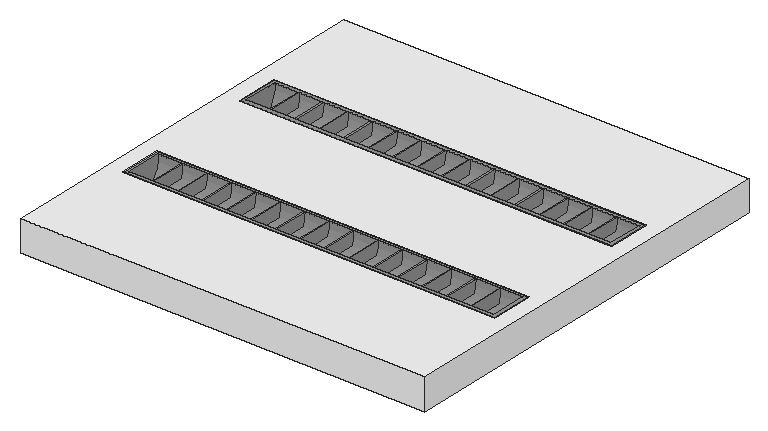
Revit family "0051226 Lighting Fixture_Sylvania_Rana LED 615x615-Electronic-4000K_Surface Mounted", category Lighting Fixtures, host Face, Revit 2015
Parameters (values of type "RANA LED D W CM+P 3*LL 4K")
  Width = 615.0 mm
  Weight = 5.10 kg
  Wattage = 50 W
  built-in parameter 1150110 = 1 (stored number, unit not read)
  Voltage Comments = "UNV (Universal Voltage; 220-240 Volt)"  # constant formula
  Voltage = 230 V  # constant formula
  URL = "http://www.feilosylvania.com/"
  built-in parameter 1114217 = 1 (stored number, unit not read)
  Tilt Angle = -90.00°
  built-in parameter 1150109 = 1 (stored number, unit not read)
  built-in parameter 1150134 = 12
  built-in parameter 1150113 = 1 (stored number, unit not read)
  Reflector Material = Steel_Sylvania_RanaLED_Silver
  Product Page URL = "http://www.feilosylvania.com/product/en-int/products/0051226"
  Product Family = "Rana LED 615x615-Electronic-4000K Lamp"  # constant formula
  Photometry Comments = ""
  Photometric Web File = "0051226_RANALEDDWCM+P3LL4K-186543.ies"
  Louver Length = Length - 50.0 mm  # 565.0 mm
  Life = "50 000h"  # constant formula
  Length = Width  # 615.0 mm
  IP Rating = "20"  # constant formula
  IK Rating = "07"  # constant formula
  Height = 47.0 mm
  Energy Class = "A++, A+, A"  # constant formula
  built-in parameter 1114216 [instance] = 1 (stored number, unit not read)
  Model = "RANA LED D W CM+P 3*LL 4K"
  Manufacturer = "Feilo Sylvania"  # constant formula
  built-in parameter 1150105 = 2704.1 (stored number, unit not read)
  Lumens = 4700 lm
  built-in parameter 1150115 = 1 (stored number, unit not read)
  built-in parameter 1150137 = (empty or 0)
  built-in parameter 1150139 = (empty or 0)
  built-in parameter 1150112 = 1 (stored number, unit not read)
  built-in parameter 1150114 = 1 (stored number, unit not read)
  Lamp = "Integrated LED"  # constant formula
  built-in parameter 1150132 = 2
  built-in parameter 1150102 = (empty or 0)
  built-in parameter 1150107 = 4000 (stored number, unit not read)
  built-in parameter 1150138 = (empty or 0)
  built-in parameter 1150106 = 27.041 (stored number, unit not read)
  Emit from Rectangle Width = 287.0 mm  # constant formula
  Emit from Rectangle Length = Louver Length  # 565.0 mm
  Emit Shape Visible in Rendering = no
  built-in parameter 1150104 = 8.7329 (stored number, unit not read)
  Dimming Lamp Color Temperature Shift = <None>
  Description = "Provides perfect uniform light distribution greatly enhancing the lit space. Low profile for ease of installation in restricted ceiling voids. Two stage optic for optimum comfort and efficiency. UGR19 office compliant. Enclosed design reduces dust ingress and improves Lumen Maintenance Factor (LMF). 32W - 69W LED surface luminaire. Rana LED is perfect for office lighting applications, schools, airports and general lighting applications. Available with a satin optic and micro prism diffuser. Available in surface (615 X 615, 1183 X 1187). Rana LED delivers high efficiency up to 6,050lm (luminaire lumen output on 4,000K version), equating to 101lm/W (total system efficiency). Available in warm white (3,000K) and neutral white (4,000K). Integrated LED solution that has the same aesthetics as a T5 or T8 diffuse luminaire. Energy efficient electronic gear including DALI and 3 hour emergency versions as standard. Long lifetime: 50,000 hours life at 70% of the original output L70. Less maintenance is required due to the long lifetime of 50,000hrs. Energy Class: A++, A+, A. LED technology provides an energy efficient solution with reduced maintenance costs. Comes complete with safety cable"  # constant formula
  Default Elevation = 0.0 mm
  Color Filter = 16777215
  Catalog Number = "0051226 RANA LED D W CM+P 3*LL 4K"
  built-in parameter 1140040 [instance] = 1
  built-in parameter 1114218 = 1 (stored number, unit not read)
  built-in parameter 1150133 = 10 (stored number, unit not read)
  Assembly Code = "D5020200"
  Apparent Load Comments = ""
  Apparent Load = 48 VA
  Accessory Material = Aluminum_Sylvania_RanaLED_White
Types (3, lengths in mm): name | Wattage | built-in parameter 1150134 | Product Page URL | Photometric Web File | Model | built-in parameter 1150105 | Lumens | built-in parameter 1150107 | built-in parameter 1150106 | Catalog Number | Apparent Load
  RANA LED D W CM+P 2*LL 3K | 31.5957 W | (empty or 0) | "http://www.feilosylvania.com/product/en-int/products/0051223" | "0051223_RANALEDDWCM+P2LL3K-186491.ies" | "RANA LED D W CM+P 2*LL 3K" | 1712 (stored number, unit not read) | 2970 lm | 3000 (stored number, unit not read) | 17.12 (stored number, unit not read) | "0051223 RANA LED D W CM+P 2*LL 3K" | 32 VA
  RANA LED D W CM+P 3*LL 3K | 47.5532 W | (empty or 0) | "http://www.feilosylvania.com/product/en-int/products/0051231" | "0051231_RANALEDDWCM+P3LL3K-186501.ies" | "RANA LED D W CM+P 3*LL 3K" | 355.71 (stored number, unit not read) | 4470 lm | 3000 (stored number, unit not read) | 3.5571 (stored number, unit not read) | "0051231 RANA LED D W CM+P 3*LL 3K" | 48 VA
  RANA LED D W CM+P 3*LL 4K | 50 W | 12 | "http://www.feilosylvania.com/product/en-int/products/0051226" | "0051226_RANALEDDWCM+P3LL4K-186543.ies" | "RANA LED D W CM+P 3*LL 4K" | 2704.1 (stored number, unit not read) | 4700 lm | 4000 (stored number, unit not read) | 27.041 (stored number, unit not read) | "0051226 RANA LED D W CM+P 3*LL 4K" | 48 VA
Reference planes
  plane 1 "Center (Front/Back)": y = 0
  plane 2 "Fixture Top": z = 0
  plane 3 "Center (Left/Right)": x = 0
  plane 4 "Fixture Left": x = -307.5
  plane 5 "Fixture Right": x = 307.5
  plane 6 "Fixture Back": y = 307.5
  plane 7 "Fixture Front": y = -307.5
  plane 8: x = -305.5
  plane 9: x = 305.5
  plane 10: y = 305.5
  plane 11: y = -305.5
  plane 12: y = 143.5
  plane 13: x = -282.5
  plane 14: x = 282.5
  plane 15: y = 78.5
  plane 16: y = -143.5
  plane 17: y = -78.5
  plane 18 "Fixture Bottom": z = 47
  plane 19: z = 45
  plane 20: z = 2
Forms (mm)
  Extrusion 1, solid, material "Aluminum_Sylvania_RanaLED_White" <- "Accessory Material", detail levels fine
    sketch origin (0, 0, 60) x (-1, 0, 0) y (0, -1, 0)
      loop
        line (307.5, -307.5) -> (307.5, 307.5) -> (-307.5, 307.5) -> (-307.5, -307.5) -> (307.5, -307.5)
      loop
        line (282.5, -78.5) -> (-282.5, -78.5) -> (-282.5, -143.5) -> (282.5, -143.5) -> (282.5, -78.5)
      loop
        line (-282.5, 78.5) -> (282.5, 78.5) -> (282.5, 143.5) -> (-282.5, 143.5) -> (-282.5, 78.5)
    from -15 to -13
  Extrusion 2, solid, material "Aluminum_Sylvania_RanaLED_White" <- "Accessory Material", detail levels fine
    sketch origin (0, 0, 60) x (-1, 0, 0) y (0, -1, 0)
      loop
        line (-307.5, -307.5) -> (307.5, -307.5) -> (307.5, 307.5) -> (-307.5, 307.5) -> (-307.5, -307.5)
      loop
        line (-305.5, -305.5) -> (305.5, -305.5) -> (305.5, 305.5) -> (-305.5, 305.5) -> (-305.5, -305.5)
    from -58 to -15
  Extrusion 3, solid, material "Aluminum_Sylvania_RanaLED_White" <- "Accessory Material", detail levels fine
    sketch origin (0, 0, 60) x (-1, 0, 0) y (0, -1, 0)
      loop
        line (-307.5, -307.5) -> (307.5, -307.5) -> (307.5, 307.5) -> (-307.5, 307.5) -> (-307.5, -307.5)
    from -60 to -58
  Extrusion 4, solid, material "Aluminum_Sylvania_RanaLED_White" <- "Accessory Material", detail levels coarse+medium
    sketch origin (0, 0, 60) x (-1, 0, 0) y (0, -1, 0)
      loop
        line (307.5, -307.5) -> (307.5, 307.5) -> (-307.5, 307.5) -> (-307.5, -307.5) -> (307.5, -307.5)
    from -60 to -13
Cuts and joins
  joined: Extrusion 1, Extrusion 2, Extrusion 3
Dimensions and locks
  equal spacing: plane 6 "Fixture Back", plane 1 "Center (Front/Back)", plane 7 "Fixture Front"
  "Width": plane 6 "Fixture Back" to plane 7 "Fixture Front"
  equal spacing: plane 4 "Fixture Left", plane 3 "Center (Left/Right)", plane 5 "Fixture Right"
  "Length": plane 4 "Fixture Left" to plane 5 "Fixture Right"
  locked: plane 4 "Fixture Left" to plane 8 at 2
  locked: plane 9 to plane 5 "Fixture Right" at 2
  locked: plane 6 "Fixture Back" to plane 10 at 2
  locked: plane 7 "Fixture Front" to plane 11 at 2
  locked: plane 4 "Fixture Left" to plane 13 at 25
  locked: plane 14 to plane 5 "Fixture Right" at 25
  locked: plane 12 to plane 1 "Center (Front/Back)" at 143.5
  locked: plane 16 to plane 1 "Center (Front/Back)" at 143.5
  locked: plane 1 "Center (Front/Back)" to plane 15 at 78.5
  locked: plane 17 to plane 1 "Center (Front/Back)" at 78.5
  "Height": plane 18 "Fixture Bottom" to plane 2 "Fixture Top"
  locked: plane 18 "Fixture Bottom" to plane 19 at 2
  locked: plane 20 to plane 2 "Fixture Top" at 2
  aligned and locked: plane 2 "Fixture Top" to host face
  aligned and locked: level to host face
  aligned and locked: Extrusion 1 sketch curve to plane 6 "Fixture Back"
  aligned and locked: plane 4 "Fixture Left" to Extrusion 1 sketch curve
  aligned and locked: Extrusion 1 sketch curve to plane 7 "Fixture Front"
  aligned and locked: plane 5 "Fixture Right" to Extrusion 1 sketch curve
  aligned and locked: Extrusion 1 sketch curve to plane 15
  aligned and locked: Extrusion 1 sketch curve to plane 13  (x2)
  aligned and locked: plane 12 to Extrusion 1 sketch curve
  aligned and locked: Extrusion 1 sketch curve to plane 14  (x2)
  aligned and locked: Extrusion 1 sketch curve to plane 17
  aligned and locked: plane 16 to Extrusion 1 sketch curve
  aligned and locked: Extrusion 1 to plane 19
  aligned and locked: plane 18 "Fixture Bottom" to Extrusion 1
  aligned and locked: Extrusion 2 sketch curve to Extrusion 1  (x4)
  aligned and locked: plane 10 to Extrusion 2 sketch curve
  aligned and locked: Extrusion 2 sketch curve to plane 9
  aligned and locked: plane 11 to Extrusion 2 sketch curve
  aligned and locked: Extrusion 2 sketch curve to plane 8
  aligned and locked: Extrusion 2 to plane 20
  aligned and locked: plane 19 to Extrusion 2
  aligned and locked: Extrusion 3 sketch curve to Extrusion 1  (x4)
  aligned and locked: Extrusion 3 to plane 2 "Fixture Top"
  aligned and locked: plane 20 to Extrusion 3
  aligned and locked: plane 14 to nested 1
  aligned and locked: nested 1 to plane 12
  aligned and locked: plane 14 to nested 2
  aligned and locked: plane 17 to nested 2
  aligned and locked: nested 2 to plane 18 "Fixture Bottom"
  aligned and locked: nested 1 to plane 18 "Fixture Bottom"
  aligned and locked: plane 3 "Center (Left/Right)" to imposter light
  aligned and locked: imposter light to plane 1 "Center (Front/Back)"
  aligned and locked: plane 18 "Fixture Bottom" to imposter light
  aligned and locked: Extrusion 4 sketch curve to cut or joined group of Extrusion 1, Extrusion 2, Extrusion 3  (x4)
  aligned and locked: Extrusion 4 to plane 2 "Fixture Top"
  aligned and locked: plane 18 "Fixture Bottom" to Extrusion 4
Automatic sketch dimensions
  host sketch curve to host sketch curve = 1713.741 mm
  host sketch curve to host sketch curve = 1283.632 mm
Nested families
  nested 1: "Reflector Rana LED" at (0, 111, 7) x (0, 1, 0) z (0, 0, 1), type "Type", detail levels fine
    with Length 565.0 mm
  nested 2: "Reflector Rana LED" at (0, -111, 7) x (0, 1, 0) z (0, 0, 1), type "Type", detail levels fine
    with Length 565.0 mm
Connectors
  electrical at (0, 0, 0), driven by "Voltage", driven by "Apparent Load"
    settings: on cut or joined group of Extrusion 1, Extrusion 2, Extrusion 3, index 1, voltage 230 V, apparent load 0 VA, apparent load phase1 48 VA, apparent load phase2 0 VA, apparent load phase3 0 VA, power factor 1, load classification "Lighting", number of poles 1, system type 31, power factor state 1, is connector primary yes, connector utility no, sub classification motor no, connector description ""
Definition of nested family "Reflector Rana LED"
  Parameters
    Length = 558.0 mm
    Lamella Number = Length / 39.0 mm  # 14
    Height = 40.0 mm
    Width = 65.0 mm
    Default Elevation = 0.0 mm
    Reflector Material = none
  Reference planes
    plane 1 "Center (Front/Back)": y = 0
    plane 2: z = 0
    plane 3 "Center (Left/Right)": x = 0
    plane 4: x = 32.5
    plane 5: x = -32.5
    plane 6: z = 40
    plane 7: x = -27.5
    plane 8: x = 27.5
    plane 9: z = 3
    plane 10: x = -15
    plane 11: x = 15
    plane 12: y = 279
    plane 13: y = -279
    plane 14: y = 239
    plane 15: y = -239
    plane 16: y = 274
    plane 17: y = -274
    plane 18: z = 20
    plane 19: z = 38.5
  Forms (mm)
    Extrusion 1, solid, material <- "Reflector Material"
      sketch origin (0, 0, 0) x (1, 0, 0) y (0, 0, 1)
        loop
          line (-27.5, 40) -> (-32.5, 40) -> (-32.5, 0) -> (32.5, 0) -> (32.5, 40) -> (27.5, 40)
          arc (27.5, 40) -> (24.712, 20.33) -> (15, 3) r 54
          line (15, 3) -> (-15, 3)
          arc (-15, 3) -> (-24.712, 20.33) -> (-27.5, 40) r 54
      from -279 to 279
    Extrusion 2, solid, material <- "Reflector Material"
      sketch origin (0, 0, 0) x (1, 0, 0) y (0, 0, 1)
        loop
          line (32.5, 40) -> (-32.5, 40) -> (-32.5, 0) -> (32.5, 0) -> (32.5, 40)
      from 274 to 279
    Extrusion 3, solid, material <- "Reflector Material"
      sketch origin (0, 0, 0) x (1, 0, 0) y (0, 0, -1)
        loop
          line (32.5, -40) -> (32.5, 0) -> (-32.5, 0) -> (-32.5, -40) -> (32.5, -40)
      from 274 to 279
    Extrusion 4, solid, material <- "Reflector Material"
      sketch origin (0, -1, 0) x (1, 0, 0) y (0, 0, 1)
        loop
          line (-24.599, 20) -> (24.599, 20)
          arc (24.599, 20) -> (26.881, 29.121) -> (27.545, 38.5) r 54
          line (27.545, 38.5) -> (-27.545, 38.5)
          arc (-27.545, 38.5) -> (-26.881, 29.121) -> (-24.599, 20) r 54
      from -240 to -238
    Extrusion 5, solid, material <- "Reflector Material"
      sketch origin (0, -477, 0) x (1, 0, 0) y (0, 0, 1)
        loop
          line (-24.599, 20) -> (24.599, 20)
          arc (24.599, 20) -> (26.881, 29.121) -> (27.545, 38.5) r 54
          line (27.545, 38.5) -> (-27.545, 38.5)
          arc (-27.545, 38.5) -> (-26.881, 29.121) -> (-24.599, 20) r 54
      from -240 to -238
    Extrusion 6, solid, material <- "Reflector Material"
      sketch origin (0, -37.615, 0) x (1, 0, 0) y (0, 0, 1)
        loop
          line (-24.599, 20) -> (24.599, 20)
          arc (24.599, 20) -> (26.881, 29.121) -> (27.545, 38.5) r 54
          line (27.545, 38.5) -> (-27.545, 38.5)
          arc (-27.545, 38.5) -> (-26.881, 29.121) -> (-24.599, 20) r 54
      from -240 to -238
    Extrusion 7, solid, material <- "Reflector Material"
      sketch origin (0, -74.231, 0) x (1, 0, 0) y (0, 0, 1)
        loop
          line (-24.599, 20) -> (24.599, 20)
          arc (24.599, 20) -> (26.881, 29.121) -> (27.545, 38.5) r 54
          line (27.545, 38.5) -> (-27.545, 38.5)
          arc (-27.545, 38.5) -> (-26.881, 29.121) -> (-24.599, 20) r 54
      from -240 to -238
    Extrusion 8, solid, material <- "Reflector Material"
      sketch origin (0, -110.846, 0) x (1, 0, 0) y (0, 0, 1)
        loop
          line (-24.599, 20) -> (24.599, 20)
          arc (24.599, 20) -> (26.881, 29.121) -> (27.545, 38.5) r 54
          line (27.545, 38.5) -> (-27.545, 38.5)
          arc (-27.545, 38.5) -> (-26.881, 29.121) -> (-24.599, 20) r 54
      from -240 to -238
    Extrusion 9, solid, material <- "Reflector Material"
      sketch origin (0, -147.462, 0) x (1, 0, 0) y (0, 0, 1)
        loop
          line (-24.599, 20) -> (24.599, 20)
          arc (24.599, 20) -> (26.881, 29.121) -> (27.545, 38.5) r 54
          line (27.545, 38.5) -> (-27.545, 38.5)
          arc (-27.545, 38.5) -> (-26.881, 29.121) -> (-24.599, 20) r 54
      from -240 to -238
    Extrusion 10, solid, material <- "Reflector Material"
      sketch origin (0, -184.077, 0) x (1, 0, 0) y (0, 0, 1)
        loop
          line (-24.599, 20) -> (24.599, 20)
          arc (24.599, 20) -> (26.881, 29.121) -> (27.545, 38.5) r 54
          line (27.545, 38.5) -> (-27.545, 38.5)
          arc (-27.545, 38.5) -> (-26.881, 29.121) -> (-24.599, 20) r 54
      from -240 to -238
    Extrusion 11, solid, material <- "Reflector Material"
      sketch origin (0, -220.692, 0) x (1, 0, 0) y (0, 0, 1)
        loop
          line (-24.599, 20) -> (24.599, 20)
          arc (24.599, 20) -> (26.881, 29.121) -> (27.545, 38.5) r 54
          line (27.545, 38.5) -> (-27.545, 38.5)
          arc (-27.545, 38.5) -> (-26.881, 29.121) -> (-24.599, 20) r 54
      from -240 to -238
    Extrusion 12, solid, material <- "Reflector Material"
      sketch origin (0, -257.308, 0) x (1, 0, 0) y (0, 0, 1)
        loop
          line (-24.599, 20) -> (24.599, 20)
          arc (24.599, 20) -> (26.881, 29.121) -> (27.545, 38.5) r 54
          line (27.545, 38.5) -> (-27.545, 38.5)
          arc (-27.545, 38.5) -> (-26.881, 29.121) -> (-24.599, 20) r 54
      from -240 to -238
    Extrusion 13, solid, material <- "Reflector Material"
      sketch origin (0, -293.923, 0) x (1, 0, 0) y (0, 0, 1)
        loop
          line (-24.599, 20) -> (24.599, 20)
          arc (24.599, 20) -> (26.881, 29.121) -> (27.545, 38.5) r 54
          line (27.545, 38.5) -> (-27.545, 38.5)
          arc (-27.545, 38.5) -> (-26.881, 29.121) -> (-24.599, 20) r 54
      from -240 to -238
    Extrusion 14, solid, material <- "Reflector Material"
      sketch origin (0, -330.538, 0) x (1, 0, 0) y (0, 0, 1)
        loop
          line (-24.599, 20) -> (24.599, 20)
          arc (24.599, 20) -> (26.881, 29.121) -> (27.545, 38.5) r 54
          line (27.545, 38.5) -> (-27.545, 38.5)
          arc (-27.545, 38.5) -> (-26.881, 29.121) -> (-24.599, 20) r 54
      from -240 to -238
    Extrusion 15, solid, material <- "Reflector Material"
      sketch origin (0, -367.154, 0) x (1, 0, 0) y (0, 0, 1)
        loop
          line (-24.599, 20) -> (24.599, 20)
          arc (24.599, 20) -> (26.881, 29.121) -> (27.545, 38.5) r 54
          line (27.545, 38.5) -> (-27.545, 38.5)
          arc (-27.545, 38.5) -> (-26.881, 29.121) -> (-24.599, 20) r 54
      from -240 to -238
    Extrusion 16, solid, material <- "Reflector Material"
      sketch origin (0, -403.769, 0) x (1, 0, 0) y (0, 0, 1)
        loop
          line (-24.599, 20) -> (24.599, 20)
          arc (24.599, 20) -> (26.881, 29.121) -> (27.545, 38.5) r 54
          line (27.545, 38.5) -> (-27.545, 38.5)
          arc (-27.545, 38.5) -> (-26.881, 29.121) -> (-24.599, 20) r 54
      from -240 to -238
    Extrusion 17, solid, material <- "Reflector Material"
      sketch origin (0, -440.385, 0) x (1, 0, 0) y (0, 0, 1)
        loop
          line (-24.599, 20) -> (24.599, 20)
          arc (24.599, 20) -> (26.881, 29.121) -> (27.545, 38.5) r 54
          line (27.545, 38.5) -> (-27.545, 38.5)
          arc (-27.545, 38.5) -> (-26.881, 29.121) -> (-24.599, 20) r 54
      from -240 to -238
  Cuts and joins
    joined: Extrusion 1, Extrusion 2, Extrusion 3
  Dimensions and locks
    equal spacing: plane 4, plane 3 "Center (Left/Right)", plane 5
    "Width": plane 5 to plane 4
    "Height": plane 6 to level
    locked: plane 7 to plane 5 at 5
    locked: plane 8 to plane 4 at 5
    locked: plane 5 to plane 10 at 17.5
    locked: plane 4 to plane 11 at 17.5
    equal spacing: plane 13, plane 1 "Center (Front/Back)", plane 12
    "Length": plane 12 to plane 13
    locked: plane 12 to plane 14 at 40
    locked: plane 15 to plane 13 at 40
    locked: plane 17 to plane 13 at 5
    locked: plane 12 to plane 16 at 5
    equal spacing: group 1, group 3, group 4, group 5, group 6, group 7, group 8, group 9, group 10, group 11, group 12, group 13, group 14, group 2  (x2)
    equal spacing: group 2, group 14, group 13, group 12, group 11, group 10, group 9, group 8, group 7, group 6, group 5, group 4, group 3, group 1
    locked: plane 6 to plane 19 at 1.5
    locked: plane 6 to plane 18 at 20
    locked: plane 6 to plane 9 at 37
    aligned and locked: level to plane 2
    aligned and locked: plane 10 to Extrusion 1 sketch curve
    aligned and locked: plane 6 to Extrusion 1 sketch curve
    aligned and locked: plane 7 to Extrusion 1 sketch curve
    aligned and locked: plane 8 to Extrusion 1 sketch curve
    aligned and locked: plane 9 to Extrusion 1 sketch curve  (x2)
    aligned and locked: plane 11 to Extrusion 1 sketch curve
    aligned and locked: Extrusion 1 sketch curve to plane 5
    aligned and locked: plane 2 to Extrusion 1 sketch curve
    aligned and locked: Extrusion 1 sketch curve to plane 4
    aligned and locked: Extrusion 1 sketch curve to plane 6  (x2)
    aligned and locked: plane 12 to Extrusion 1
    aligned and locked: Extrusion 1 to plane 13
    aligned and locked: Extrusion 2 sketch curve to Extrusion 1  (x4)
    aligned and locked: Extrusion 2 to plane 13
    aligned and locked: Extrusion 2 to plane 17
    aligned and locked: plane 12 to Extrusion 3
    aligned and locked: Extrusion 3 to plane 16
    aligned and locked: Extrusion 4 to plane 14
    aligned and locked: Extrusion 5 to plane 15
    aligned and locked: plane 14 to Extrusion 4
    aligned and locked: Extrusion 4 to plane 18
    aligned and locked: plane 19 to Extrusion 4
    aligned and locked: plane 19 to Extrusion 5
    aligned and locked: Extrusion 5 to plane 18
  Automatic sketch dimensions
    Extrusion 1 sketch curve to plane 19 = 0.886 mm  (x2)
    plane 5 to Extrusion 3 sketch curve = 0.0 mm
    Extrusion 3 sketch curve to level = 0.0 mm
    Extrusion 3 sketch curve to plane 4 = 0.0 mm
    Extrusion 3 sketch curve to plane 6 = 0.0 mm
    Extrusion 4 sketch curve to Extrusion 4 sketch curve = 2.946 mm  (x2)
    Extrusion 4 sketch curve to Extrusion 4 sketch curve = 49.199 mm
    Extrusion 4 sketch curve to Extrusion 4 sketch curve = 1.098 mm  (x2)
    Extrusion 4 sketch curve to Extrusion 4 sketch curve = 18.5 mm
    Extrusion 5 sketch curve to Extrusion 5 sketch curve = 2.946 mm  (x2)
    Extrusion 5 sketch curve to Extrusion 5 sketch curve = 49.199 mm
    Extrusion 5 sketch curve to Extrusion 5 sketch curve = 1.098 mm  (x2)
    Extrusion 5 sketch curve to Extrusion 5 sketch curve = 18.5 mm
    Extrusion 6 sketch curve to Extrusion 6 sketch curve = 2.946 mm  (x2)
    Extrusion 6 sketch curve to Extrusion 6 sketch curve = 49.199 mm
    Extrusion 6 sketch curve to Extrusion 6 sketch curve = 1.098 mm  (x2)
    Extrusion 6 sketch curve to Extrusion 6 sketch curve = 18.5 mm
    Extrusion 7 sketch curve to Extrusion 7 sketch curve = 2.946 mm  (x2)
    Extrusion 7 sketch curve to Extrusion 7 sketch curve = 49.199 mm
    Extrusion 7 sketch curve to Extrusion 7 sketch curve = 1.098 mm  (x2)
    Extrusion 7 sketch curve to Extrusion 7 sketch curve = 18.5 mm
    Extrusion 8 sketch curve to Extrusion 8 sketch curve = 2.946 mm  (x2)
    Extrusion 8 sketch curve to Extrusion 8 sketch curve = 49.199 mm
    Extrusion 8 sketch curve to Extrusion 8 sketch curve = 1.098 mm  (x2)
    Extrusion 8 sketch curve to Extrusion 8 sketch curve = 18.5 mm
    Extrusion 9 sketch curve to Extrusion 9 sketch curve = 2.946 mm  (x2)
    Extrusion 9 sketch curve to Extrusion 9 sketch curve = 49.199 mm
    Extrusion 9 sketch curve to Extrusion 9 sketch curve = 1.098 mm  (x2)
    Extrusion 9 sketch curve to Extrusion 9 sketch curve = 18.5 mm
    Extrusion 10 sketch curve to Extrusion 10 sketch curve = 2.946 mm  (x2)
    Extrusion 10 sketch curve to Extrusion 10 sketch curve = 49.199 mm
    Extrusion 10 sketch curve to Extrusion 10 sketch curve = 1.098 mm  (x2)
    Extrusion 10 sketch curve to Extrusion 10 sketch curve = 18.5 mm
    Extrusion 11 sketch curve to Extrusion 11 sketch curve = 2.946 mm  (x2)
    Extrusion 11 sketch curve to Extrusion 11 sketch curve = 49.199 mm
    Extrusion 11 sketch curve to Extrusion 11 sketch curve = 1.098 mm  (x2)
    Extrusion 11 sketch curve to Extrusion 11 sketch curve = 18.5 mm
    Extrusion 12 sketch curve to Extrusion 12 sketch curve = 2.946 mm  (x2)
    Extrusion 12 sketch curve to Extrusion 12 sketch curve = 49.199 mm
    Extrusion 12 sketch curve to Extrusion 12 sketch curve = 1.098 mm  (x2)
    Extrusion 12 sketch curve to Extrusion 12 sketch curve = 18.5 mm
    Extrusion 13 sketch curve to Extrusion 13 sketch curve = 2.946 mm  (x2)
    Extrusion 13 sketch curve to Extrusion 13 sketch curve = 49.199 mm
    Extrusion 13 sketch curve to Extrusion 13 sketch curve = 1.098 mm  (x2)
    Extrusion 13 sketch curve to Extrusion 13 sketch curve = 18.5 mm
    Extrusion 14 sketch curve to Extrusion 14 sketch curve = 2.946 mm  (x2)
    Extrusion 14 sketch curve to Extrusion 14 sketch curve = 49.199 mm
    Extrusion 14 sketch curve to Extrusion 14 sketch curve = 1.098 mm  (x2)
    Extrusion 14 sketch curve to Extrusion 14 sketch curve = 18.5 mm
    Extrusion 15 sketch curve to Extrusion 15 sketch curve = 2.946 mm  (x2)
    Extrusion 15 sketch curve to Extrusion 15 sketch curve = 49.199 mm
    Extrusion 15 sketch curve to Extrusion 15 sketch curve = 1.098 mm  (x2)
    Extrusion 15 sketch curve to Extrusion 15 sketch curve = 18.5 mm
    Extrusion 16 sketch curve to Extrusion 16 sketch curve = 2.946 mm  (x2)
    Extrusion 16 sketch curve to Extrusion 16 sketch curve = 49.199 mm
    Extrusion 16 sketch curve to Extrusion 16 sketch curve = 1.098 mm  (x2)
    Extrusion 16 sketch curve to Extrusion 16 sketch curve = 18.5 mm
    Extrusion 17 sketch curve to Extrusion 17 sketch curve = 2.946 mm  (x2)
    Extrusion 17 sketch curve to Extrusion 17 sketch curve = 49.199 mm
    Extrusion 17 sketch curve to Extrusion 17 sketch curve = 1.098 mm  (x2)
    Extrusion 17 sketch curve to Extrusion 17 sketch curve = 18.5 mm
